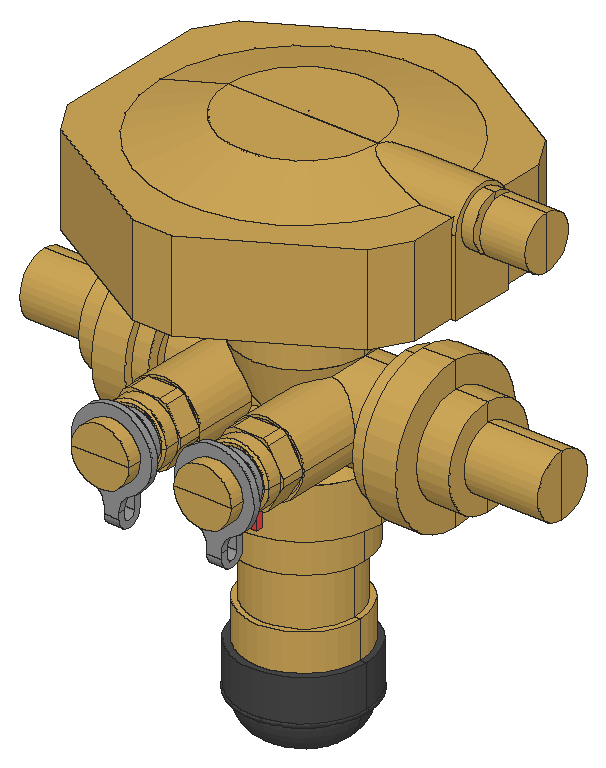
Revit family "Pressure independent control valve 4006_M", category Rohrzubehör, Revit 2018
Family settings
  Bemaßung runder Anschluss = Durchmesser verwenden
  Teiletyp = Unterbricht
  OmniClass-Nummer = 23.65.55.14
  OmniClass-Titel = Valves for Liquid Services
  Arbeitsebenenbasiert = Nein
  Immer vertikal = Ja
  Beim Laden mit Abzugskörper schneiden = Nein
  Gemeinsam genutzt = Nein
Parameters
  min. Operating temperature (antifreeze) = -20 °C  # constant formula
  max. Operating temperature till DN32 = 130 °C  # constant formula
  max. Operating temperature from DN40 = 110 °C  # constant formula
  max. Operating pressure = 1600000.0 Pa  # constant formula
  VRL04 = 8.000 mm  # constant formula
  VRL03 [instance] = L01 + 4.000 mm  # 12.000 mm
  VRL02 = 18.000 mm  # constant formula
  VRL01 [instance] = size_lookup("4006M_", "VRL1", 30.000 mm, Nennweite)  # 30.000 mm
  URL = "www.herzvalves.com"
  Pin = "stainless steel 14301"  # constant formula
  SCRNSEQ = "ARM;ARM_TYP=\"DURR\";2"
  SCRNCODE = "05;04;02"  # constant formula
  S05 [instance] = VRL01  # 30.000 mm
  S04 [instance] = H08 + (S03 / 2)  # 45.750 mm
  S03 [instance] = H09 + 4.700 mm  # 26.500 mm
  S02 [instance] = VRD01 * 2  # 36.400 mm
  S01 [instance] = 10.000 mm  # constant formula
  R12 = 3.900 mm  # constant formula
  R11 = 6.500 mm  # constant formula
  R10 = 35.000 mm  # constant formula
  R09 = 18.250 mm  # constant formula
  R08 = 11.300 mm  # constant formula
  R07 [instance] = size_lookup("4006M_", "R7", 17.300 mm, Nennweite)  # 17.300 mm
  R06 [instance] = size_lookup("4006M_", "R6", 19.000 mm, Nennweite)  # 19.000 mm
  R05 = 15.000 mm  # constant formula
  R04 = 12.500 mm  # constant formula
  R02 [instance] = size_lookup("4006M_", "R2", 15.000 mm, Nennweite)  # 15.000 mm
  R01 [instance] = size_lookup("4006M_", "R1", 11.500 mm, Nennweite)  # 11.500 mm
  PN = 16  # constant formula
  O-Rings = "EPDM"  # constant formula
  Nennweite [instance] = 15.000 mm
  min. Operating temperature (pure water) = 2 °C  # constant formula
  Membrane housing = "brass CW602N"  # constant formula
  Membrane = "EPDM"  # constant formula
  Medium = "water purity in accordance with the ÖNORM H5195 and VDI 2035 standards\r\nethylene and propylene glycol in a mixture ratio of 25 - 50% by volume [%] is permitted."
  L06 [instance] = L00 / 2  # 33.000 mm
  L05 = 11.000 mm  # constant formula
  L04 = 1.500 mm  # constant formula
  L03 = 3.200 mm  # constant formula
  L02 = 43.500 mm  # constant formula
  L01 [instance] = size_lookup("4006M_", "L1", 8.000 mm, Nennweite)  # 8.000 mm
  L00 [instance] = size_lookup("4006M_", "L", 66.000 mm, Nennweite)  # 66.000 mm
  Capillary pipe = "copper Cu-DHP (CW024A)"  # constant formula
  Stroke = 4.000 mm  # constant formula
  Hersteller = "Herz-Armaturen GmbH"  # constant formula
  H13 [instance] = H02 - H05 - H03 - H04 - 2.000 mm  # 21.700 mm
  H12 = 19.250 mm  # constant formula
  H11 [instance] = size_lookup("4006M_", "H11", 59.000 mm, Nennweite)  # 59.000 mm
  H10 [instance] = H08 + H09  # 54.300 mm
  H09 = 21.800 mm  # constant formula
  H08 [instance] = H01 + H06 + H07  # 32.500 mm
  H07 = 4.000 mm  # constant formula
  H06 [instance] = size_lookup("4006M_", "H6", 10.000 mm, Nennweite)  # 10.000 mm
  H05 = 9.000 mm  # constant formula
  H04 [instance] = size_lookup("4006M_", "H4", 9.600 mm, Nennweite)  # 9.600 mm
  H03 [instance] = size_lookup("4006M_", "H3", 13.000 mm, Nennweite)  # 13.000 mm
  H02 [instance] = size_lookup("4006M_", "H2", 55.300 mm, Nennweite)  # 55.300 mm
  H01 [instance] = size_lookup("4006M_", "H1", 18.500 mm, Nennweite)  # 18.500 mm
  Housing = "DZR brass CC770S"  # constant formula
  VRG03 [instance] = Nennweite / 2  # 7.500 mm
  G02 [instance] = size_lookup("4006M_", "G2", 13.900 mm, Nennweite)  # 13.900 mm
  G01 [instance] = size_lookup("4006M_", "G1", 13.200 mm, Nennweite)  # 13.200 mm
  Spring = "spring steel"  # constant formula
  DN50 [instance] = Nennweite = 50.000 mm  # no
  DN40 [instance] = Nennweite = 40.000 mm  # no
  DN32 [instance] = Nennweite = 32.000 mm  # no
  DN25 [instance] = Nennweite = 25.000 mm  # no
  DN20 [instance] = Nennweite = 20.000 mm  # no
  DN15 [instance] = Nennweite = 15.000 mm  # yes
  VRD03 [instance] = VRG03 + 4.500 mm  # 12.000 mm
  VRD02 [instance] = G01 + 3.000 mm  # 16.200 mm
  VRD01 [instance] = G01 + 5.000 mm  # 18.200 mm
  Bestellnummer Verschraubung [instance] = size_lookup("4006M_", "Vrnr", 0, Nennweite)  # 1621011
  Bestellnummer [instance] = size_lookup("4006M_", "Artnr", 0, Nennweite)  # 1400611
  Protective cap = "plastic"  # constant formula
  Application = "the Pressure Independent Balancing Control Valve (PIBCV) is used in all heating and cooling systems with circulation pumps.\r\nthe valve automatically maintains flow to the required part of the system at the set rate by measuring and immediately adjusting to any variation in pressure.\r\nno additional measurements are necessary and the correct flow rate is achieved at all operating conditions.\r\nthe diaphragm responds to the pressure upstream and downstream of the regulating valve (via an internal impulse line).\r\nthe valve settings directly affect the volumetric flow through the valve.\r\nit is thus possible to set the maximum flow rate based on the flow chart when the valve is fitted.\r\nthis allows for the balancing of heating circuits, cooling water systems, ceiling cooling and heating panels, air heaters, etc. without any need to first assess the pressure variations in the system.\r\nthe valve‘s principal application is as a control valve for terminal units."
Reference planes
  plane 1 "Mitte (Vorne/hinten)": y = 0
  plane 2: z = 0
  plane 3 "Mitte (Links/rechts)": x = 0
Forms (mm)
  Revolve 1, solid, material "Messing, weicher Gelbton, geschweißt", detail levels fine
    sketch origin (0, 0, 0) x (1, 0, 0) y (0, 0, 1)
      loop
        line (-33, 0) -> (33, 0) -> (33, 13.2) -> (25, 13.2) -> (25, 11.5) -> (-25, 11.5) -> (-25, 13.2) -> (-33, 13.2) -> (-33, 0)
      axis (-33, 0) -> (33, 0)
    angle from 0 to 360
  Revolve 2, solid, material "Messing, weicher Gelbton, geschweißt", detail levels fine
    sketch origin (0, 0, 0) x (1, 0, 0) y (0, 0, 1)
      loop
        line (0, -55.3) -> (0, 18.5) -> (-15, 18.5) -> (-15, 11.5) -> (-11.5, 0) -> (-19, -11.5) -> (-19, -23.7) -> (-15, -23.7) -> (-15, -33.3) -> (-12.5, -33.3) -> (-12.5, -46.3) -> (-13.9, -46.3) -> (-13.9, -55.3) -> (0, -55.3)
      axis (0, 18.5) -> (0, -55.3)
    angle from 0 to 360
  Extrusion 3, solid, material "Messing, weicher Gelbton, geschweißt", detail levels fine
    sketch origin (0, 0, 0) x (0, -1, 0) y (1, 0, 0)
      loop
        line (-46, -4.75) -> (-27.114, -37.462) -> (-18.886, -42.212) -> (18.886, -42.212) -> (27.114, -37.462) -> (46, -4.75) -> (46, 4.75) -> (27.114, 37.462) -> (18.886, 42.212) -> (-18.886, 42.212) -> (-27.114, 37.462) -> (-46, 4.75) -> (-46, -4.75)
    from 32.5 to 54.3
  Revolve 4, solid, material "Messing, weicher Gelbton, geschweißt", detail levels fine
    sketch origin (0, 0, 0) x (1, 0, 0) y (0, 0, 1)
      loop
        line (0, 54.3) -> (0, 59) -> (-18.25, 59) -> (-35, 54.3) -> (0, 54.3)
      axis (0, 59) -> (0, 54.3)
    angle from 0 to 360
  Extrusion 5, solid, material "Messing, weicher Gelbton, geschweißt", detail levels fine
    sketch origin (0, 0, 0) x (0, 1, 0) y (0, 0, 1)
      loop
        arc (7.85, 51.15) -> (0, 59) -> (-7.85, 51.15) r 7.85
        line (-7.85, 51.15) -> (-7.85, 32.5) -> (7.85, 32.5) -> (7.85, 51.15)
    from 0 to 43.5
  Revolve 6, solid, material "Messing, weicher Gelbton, geschweißt", detail levels fine
    sketch origin (0, 0, 0) x (1, 0, 0) y (0, 0, 1)
      loop
        line (43.5, 51.75) -> (59.2, 51.75) -> (59.2, 58.25) -> (48.2, 58.25) -> (48.2, 55.65) -> (46.7, 55.65) -> (46.7, 58.25) -> (43.5, 58.25) -> (43.5, 51.75)
      axis (43.5, 51.75) -> (59.2, 51.75)
    angle from 0 to 360
  Revolve 7, solid, material "Messing, weicher Gelbton, geschweißt", visible <- "DN15", detail levels fine
    sketch origin (0, 0, 0) x (1, 0, 0) y (0, 1, 0)
      loop
        line (-12.5, 24) -> (-20.2, 24) -> (-20.2, 0) -> (-21.5, 0) -> (-21.5, -27) -> (-12.5, -27) -> (-12.5, 24)
      axis (-12.5, 24) -> (-12.5, -27)
    angle from 0 to 360
  Revolve 8, solid, material "Messing, weicher Gelbton, geschweißt", visible <- "DN15", detail levels fine
    sketch origin (-12.5, 0, 0) x (0, 1, 0) y (0, 0, 1)
      loop
        line (24, 0) -> (39.7, 0) -> (39.7, 6.5) -> (28.7, 6.5) -> (28.7, 3.9) -> (27.2, 3.9) -> (27.2, 6.5) -> (24, 6.5) -> (24, 0)
      axis (24, 0) -> (39.7, 0)
    angle from 0 to 360
  Revolve 9, solid, material "Messing, weicher Gelbton, geschweißt", visible <- "DN15", detail levels fine
    sketch origin (0, 0, 0) x (1, 0, 0) y (0, 1, 0)
      loop
        line (12.5, 0) -> (12.5, -27) -> (21.6, -27) -> (21.6, 0) -> (12.5, 0)
      axis (12.5, 0) -> (12.5, -27)
    angle from 0 to 360
  Revolve 10, solid, material "Messing, weicher Gelbton, geschweißt", visible <- "DN20", detail levels fine
    sketch origin (-2, 0, 0) x (1, 0, 0) y (0, 1, 0)
      loop
        line (-12.5, 27) -> (-20.2, 27) -> (-20.2, 0) -> (-21.5, 0) -> (-21.5, -29) -> (-12.5, -29) -> (-12.5, 27)
      axis (-12.5, 27) -> (-12.5, -29)
    angle from 0 to 360
  Revolve 11, solid, material "Messing, weicher Gelbton, geschweißt", visible <- "DN20", detail levels fine
    sketch origin (2, 0, 0) x (1, 0, 0) y (0, 1, 0)
      loop
        line (12.5, 0) -> (12.5, -29) -> (21.6, -29) -> (21.6, 0) -> (12.5, 0)
      axis (12.5, 0) -> (12.5, -29)
    angle from 0 to 360
  Revolve 12, solid, material "Messing, weicher Gelbton, geschweißt", visible <- "DN20", detail levels fine
    sketch origin (-14.5, 3, 0) x (0, 1, 0) y (0, 0, 1)
      loop
        line (24, 0) -> (39.7, 0) -> (39.7, 6.5) -> (28.7, 6.5) -> (28.7, 3.9) -> (27.2, 3.9) -> (27.2, 6.5) -> (24, 6.5) -> (24, 0)
      axis (24, 0) -> (39.7, 0)
    angle from 0 to 360
  Revolve 13, solid, material "Messing, weicher Gelbton, geschweißt", visible <- "DN25", detail levels fine
    sketch origin (-2.1, 0, 0) x (1, 0, 0) y (0, 1, 0)
      loop
        line (-12.5, 27) -> (-20.2, 27) -> (-20.2, 0) -> (-21.5, 0) -> (-21.5, -29) -> (-12.5, -29) -> (-12.5, 27)
      axis (-12.5, 27) -> (-12.5, -29)
    angle from 0 to 360
  Revolve 14, solid, material "Messing, weicher Gelbton, geschweißt", visible <- "DN25", detail levels fine
    sketch origin (-14.6, 3, 0) x (0, 1, 0) y (0, 0, 1)
      loop
        line (24, 0) -> (39.7, 0) -> (39.7, 6.5) -> (28.7, 6.5) -> (28.7, 3.9) -> (27.2, 3.9) -> (27.2, 6.5) -> (24, 6.5) -> (24, 0)
      axis (24, 0) -> (39.7, 0)
    angle from 0 to 360
  Revolve 15, solid, material "Messing, weicher Gelbton, geschweißt", visible <- "DN25", detail levels fine
    sketch origin (2.1, 0, 0) x (1, 0, 0) y (0, 1, 0)
      loop
        line (12.5, 0) -> (12.5, -29) -> (21.6, -29) -> (21.6, 0) -> (12.5, 0)
      axis (12.5, 0) -> (12.5, -29)
    angle from 0 to 360
  Revolve 16, solid, material "Messing, weicher Gelbton, geschweißt", visible <- "DN32", detail levels fine
    sketch origin (0, 0, 0.637) x (1, 0, 0) y (0, 0, 1)
      loop
        line (-31.5, -0.637) -> (-40.5, -0.637) -> (-40.5, -43.437) -> (-31.5, -43.437) -> (-31.5, -0.637)
      axis (-31.5, -43.437) -> (-31.5, -0.637)
    angle from 0 to 360
  Revolve 17, solid, material "Messing, weicher Gelbton, geschweißt", visible <- "DN32", detail levels fine
    sketch origin (0, 0, 0.637) x (-1, 0, 0) y (0, 0, 1)
      loop
        line (-31.5, -0.637) -> (-40.5, -0.637) -> (-40.5, -43.437) -> (-31.5, -43.437) -> (-31.5, -0.637)
      axis (-31.5, -43.437) -> (-31.5, -0.637)
    angle from 0 to 360
  Revolve 18, solid, material "Messing, weicher Gelbton, geschweißt", visible <- "DN40", detail levels fine
    sketch origin (0, 0, 0) x (1, 0, 0) y (0, 0, 1)
      loop
        line (-37, 0) -> (-46, 0) -> (-46, -54.2) -> (-37, -54.2) -> (-37, 0)
      axis (-37, 0) -> (-37, -54.2)
    angle from 0 to 360
  Revolve 19, solid, material "Messing, weicher Gelbton, geschweißt", visible <- "DN40", detail levels fine
    sketch origin (0, 0, 0) x (-1, 0, 0) y (0, 0, 1)
      loop
        line (-37, 0) -> (-46, 0) -> (-46, -54.2) -> (-37, -54.2) -> (-37, 0)
      axis (-37, 0) -> (-37, -54.2)
    angle from 0 to 360
  Revolve 20, solid, material "Messing, weicher Gelbton, geschweißt", visible <- "DN50", detail levels fine
    sketch origin (-0.1, 0, 0) x (1, 0, 0) y (0, 0, 1)
      loop
        line (-37, 0) -> (-46, 0) -> (-46, -54.2) -> (-37, -54.2) -> (-37, 0)
      axis (-37, 0) -> (-37, -54.2)
    angle from 0 to 360
  Revolve 21, solid, material "Messing, weicher Gelbton, geschweißt", visible <- "DN50", detail levels fine
    sketch origin (0.1, 0, 0) x (-1, 0, 0) y (0, 0, 1)
      loop
        line (-37, 0) -> (-46, 0) -> (-46, -54.2) -> (-37, -54.2) -> (-37, 0)
      axis (-37, 0) -> (-37, -54.2)
    angle from 0 to 360
  Revolve 22, solid, material "Messing, weicher Gelbton, geschweißt", detail levels fine
    sketch origin (-97.028, 0, 0) x (1, 0, 0) y (0, 0, 1)
      loop
        line (130.028, 0) -> (160.028, 0) -> (160.028, 7.5) -> (142.028, 7.5) -> (142.028, 12) -> (134.028, 12) -> (134.028, 18.2) -> (126.028, 18.2) -> (126.028, 16.2) -> (122.028, 16.2) -> (122.028, 13.2) -> (130.028, 13.2) -> (130.028, 0)
      axis (122.028, 0) -> (160.028, 0)
    angle from 0 to 360
  Revolve 23, solid, material "Messing, weicher Gelbton, geschweißt", detail levels fine
    sketch origin (97.028, 0, 0) x (-1, 0, 0) y (0, 0, 1)
      loop
        line (130.028, 0) -> (160.028, 0) -> (160.028, 7.5) -> (142.028, 7.5) -> (142.028, 12) -> (134.028, 12) -> (134.028, 18.2) -> (126.028, 18.2) -> (126.028, 16.2) -> (122.028, 16.2) -> (122.028, 13.2) -> (130.028, 13.2) -> (130.028, 0)
      axis (122.028, 0) -> (160.028, 0)
    angle from 0 to 360
  Revolve 24, solid, material "Messing, weicher Gelbton, geschweißt", visible <- "DN32", detail levels fine
    sketch origin (-9.5, 0, 0) x (1, 0, 0) y (0, 1, 0)
      loop
        line (-12.5, -31) -> (-12.5, 0) -> (-20.2, 0) -> (-20.2, -31) -> (-12.5, -31)
      axis (-12.5, 0) -> (-12.5, -31)
    angle from 0 to 360
  Revolve 25, solid, material "Messing, weicher Gelbton, geschweißt", visible <- "DN32", detail levels fine
    sketch origin (-22, -7, 0) x (0, -1, 0) y (0, 0, -1)
      loop
        line (24, 0) -> (24, -6.5) -> (27.2, -6.5) -> (27.2, -3.9) -> (28.7, -3.9) -> (28.7, -6.5) -> (39.7, -6.5) -> (39.7, 0) -> (24, 0)
      axis (24, 0) -> (39.7, 0)
    angle from 0 to 360
  Revolve 26, solid, material "Messing, weicher Gelbton, geschweißt", visible <- "DN40", detail levels fine
    sketch origin (-17.5, 0, 0) x (1, 0, 0) y (0, 1, 0)
      loop
        line (-12.5, -39.5) -> (-12.5, 0) -> (-20.2, 0) -> (-20.2, -39.5) -> (-12.5, -39.5)
      axis (-12.5, 0) -> (-12.5, -39.5)
    angle from 0 to 360
  Revolve 27, solid, material "Messing, weicher Gelbton, geschweißt", visible <- "DN40", detail levels fine
    sketch origin (-30, -15.5, 0) x (0, -1, 0) y (0, 0, -1)
      loop
        line (24, 0) -> (24, -6.5) -> (27.2, -6.5) -> (27.2, -3.9) -> (28.7, -3.9) -> (28.7, -6.5) -> (39.7, -6.5) -> (39.7, 0) -> (24, 0)
      axis (24, 0) -> (39.7, 0)
    angle from 0 to 360
  Revolve 28, solid, material "Messing, weicher Gelbton, geschweißt", visible <- "DN50", detail levels fine
    sketch origin (-17.6, 0, 0) x (1, 0, 0) y (0, 1, 0)
      loop
        line (-12.5, -39.5) -> (-12.5, 0) -> (-20.2, 0) -> (-20.2, -39.5) -> (-12.5, -39.5)
      axis (-12.5, 0) -> (-12.5, -39.5)
    angle from 0 to 360
  Revolve 29, solid, material "Messing, weicher Gelbton, geschweißt", visible <- "DN50", detail levels fine
    sketch origin (-30.1, -15.5, 0) x (0, -1, 0) y (0, 0, -1)
      loop
        line (24, 0) -> (24, -6.5) -> (27.2, -6.5) -> (27.2, -3.9) -> (28.7, -3.9) -> (28.7, -6.5) -> (39.7, -6.5) -> (39.7, 0) -> (24, 0)
      axis (24, 0) -> (39.7, 0)
    angle from 0 to 360
Lines and regions (mm)
  model lines, detail levels coarse+medium
    curve 1: line (33, -18.2, 0) -> (33, 18.2, 0)
    curve 2: line (33, 18.2, 0) -> (-33, -18.2, 0)
    curve 3: line (-33, -18.2, 0) -> (-33, 18.2, 0)
    curve 4: line (-33, 18.2, 0) -> (33, -18.2, 0)
    curve 5: line (0, -18.5, 0) -> (0, -32.5, 0)
    curve 6: spline (-43.5, -45.75, 0) -> (-42.018, -42.321, 0) -> (-37.672, -39.125, 0) -> (-30.759, -36.381, 0) -> (-21.75, -34.275, 0) -> (-11.259, -32.951, 0) -> (0, -32.5, 0) -> (11.259, -32.951, 0) -> (21.75, -34.275, 0) -> (30.759, -36.381, 0) -> (37.672, -39.125, 0) -> (42.018, -42.321, 0) -> (43.5, -45.75, 0) -> (42.018, -49.179, 0) -> (37.672, -52.375, 0) -> (30.759, -55.119, 0) -> (21.75, -57.225, 0) -> (11.259, -58.549, 0) -> (0, -59, 0) -> (-11.259, -58.549, 0) -> (-21.75, -57.225, 0) -> (-30.759, -55.119, 0) -> (-37.672, -52.375, 0) -> (-42.018, -49.179, 0) -> (-43.5, -45.75, 0)
    curve 7: line (-33, 0, 18.2) -> (-33, 0, -18.2)
    curve 8: line (-33, 0, -18.2) -> (33, 0, 18.2)
    curve 9: line (33, 0, 18.2) -> (33, 0, -18.2)
    curve 10: line (33, 0, -18.2) -> (-33, 0, 18.2)
    curve 11: line (0, 0, 18.5) -> (0, 0, 32.5)
    curve 12: spline (-43.5, 0, 45.75) -> (-42.018, 0, 49.179) -> (-37.672, 0, 52.375) -> (-30.759, 0, 55.119) -> (-21.75, 0, 57.225) -> (-11.259, 0, 58.549) -> (0, 0, 59) -> (11.259, 0, 58.549) -> (21.75, 0, 57.225) -> (30.759, 0, 55.119) -> (37.672, 0, 52.375) -> (42.018, 0, 49.179) -> (43.5, 0, 45.75) -> (42.018, 0, 42.321) -> (37.672, 0, 39.125) -> (30.759, 0, 36.381) -> (21.75, 0, 34.275) -> (11.259, 0, 32.951) -> (0, 0, 32.5) -> (-11.259, 0, 32.951) -> (-21.75, 0, 34.275) -> (-30.759, 0, 36.381) -> (-37.672, 0, 39.125) -> (-42.018, 0, 42.321) -> (-43.5, 0, 45.75)
    curve 13: line (0, 0, 18.5) -> (16.5, 0, 9.1)
    curve 14: line (0, 0, 18.5) -> (-16.5, 0, 9.1)
    curve 15: line (33, 0, 18.2) -> (43, 0, 18.2)
    curve 16: line (43, 0, 18.2) -> (33, 0, 0)
    curve 17: line (33, 0, -18.2) -> (43, 0, -18.2)
    curve 18: line (43, 0, -18.2) -> (33, 0, 0)
    curve 19: line (-33, 0, 18.2) -> (-43, 0, 18.2)
    curve 20: line (-43, 0, 18.2) -> (-33, 0, 0)
    curve 21: line (-33, 0, -18.2) -> (-43, 0, -18.2)
    curve 22: line (-43, 0, -18.2) -> (-33, 0, 0)
    curve 23: line (33, 0, 0) -> (63, 0, 0)
    curve 24: line (-33, 0, 0) -> (-63, 0, 0)
    curve 25: line (0, -18.5, 0) -> (-16.5, -9.1, 0)
    curve 26: line (0, -18.5, 0) -> (16.5, -9.1, 0)
    curve 27: line (33, 18.2, 0) -> (43, 18.2, 0)
    curve 28: line (43, 18.2, 0) -> (33, 0, 0)
    curve 29: line (33, -18.2, 0) -> (43, -18.2, 0)
    curve 30: line (43, -18.2, 0) -> (33, 0, 0)
    curve 31: line (-33, 18.2, 0) -> (-43, 18.2, 0)
    curve 32: line (-43, 18.2, 0) -> (-33, 0, 0)
    curve 33: line (-33, -18.2, 0) -> (-43, -18.2, 0)
    curve 34: line (-43, -18.2, 0) -> (-33, 0, 0)
Dimensions and locks
  equal spacing: Revolve 1 sketch curve, plane 3 "Mitte (Links/rechts)", Revolve 1 sketch curve
  "L00": Revolve 1 sketch curve to Revolve 1 sketch curve
  "G01": Revolve 1 sketch curve to Revolve 1 sketch curve  (x2)
  "R01": Revolve 1 sketch curve to Revolve 1 sketch curve
  "L01": Revolve 1 sketch curve to Revolve 1 sketch curve  (x2)
  "H01": Revolve 2 sketch curve to plane 2
  "R01": Revolve 2 sketch curve to plane 2
  "R02": Revolve 2 sketch curve to Revolve 2 sketch curve
  "R01": Revolve 2 sketch curve to Revolve 2 sketch curve
  "H02": plane 2 to Revolve 2 sketch curve
  "G02": plane 3 "Mitte (Links/rechts)" to Revolve 2 sketch curve
  "H05": Revolve 2 sketch curve to Revolve 2 sketch curve
  "R04": Revolve 2 sketch curve to Revolve 2 sketch curve
  "R05": Revolve 2 sketch curve to Revolve 2 sketch curve
  "R06": Revolve 2 sketch curve to Revolve 2 sketch curve
  "R01": plane 2 to Revolve 2 sketch curve
  "H03": Revolve 2 sketch curve to Revolve 2 sketch curve
  "H04": Revolve 2 sketch curve to Revolve 2 sketch curve
  "H08": Extrusion 3 to plane 2
  "H09": Extrusion 3 to Extrusion 3
  "H10": Revolve 4 sketch curve to plane 2
  "H11": Revolve 4 sketch curve to plane 2
  "R09": Revolve 4 sketch curve to Revolve 4 sketch curve
  "R10": Revolve 4 sketch curve to Revolve 4 sketch curve
  "L02": Extrusion 5 to plane 3 "Mitte (Links/rechts)"
  "H08": Extrusion 5 to plane 2
  "H12": Revolve 6 sketch curve to Extrusion 3
  "R11": Revolve 6 sketch curve to Revolve 6 sketch curve  (x2)
  "L03": Revolve 6 sketch curve to Revolve 6 sketch curve
  "L04": Revolve 6 sketch curve to Revolve 6 sketch curve
  "L05": Revolve 6 sketch curve to Revolve 6 sketch curve
  "R12": Revolve 6 sketch curve to Revolve 6 sketch curve
  "R11": Revolve 8 sketch curve to Revolve 8 sketch curve  (x2)
  "L03": Revolve 8 sketch curve to Revolve 8 sketch curve
  "L04": Revolve 8 sketch curve to Revolve 8 sketch curve
  "L05": Revolve 8 sketch curve to Revolve 8 sketch curve
  "R12": Revolve 8 sketch curve to Revolve 8 sketch curve
  "R06": plane 1 "Mitte (Vorne/hinten)" to nested 1
  Revolve 10 sketch curve to plane 1 "Mitte (Vorne/hinten)" = 29.000 mm
  plane 1 "Mitte (Vorne/hinten)" to Revolve 10 sketch curve = 27.000 mm
  Revolve 11 sketch curve to plane 1 "Mitte (Vorne/hinten)" = 29.000 mm
  "R11": Revolve 12 sketch curve to Revolve 12 sketch curve  (x2)
  "L03": Revolve 12 sketch curve to Revolve 12 sketch curve
  "L04": Revolve 12 sketch curve to Revolve 12 sketch curve
  "L05": Revolve 12 sketch curve to Revolve 12 sketch curve
  "R12": Revolve 12 sketch curve to Revolve 12 sketch curve
  "H13": plane 2 to nested 1
  "R11": Revolve 14 sketch curve to Revolve 14 sketch curve  (x2)
  "L03": Revolve 14 sketch curve to Revolve 14 sketch curve
  "L04": Revolve 14 sketch curve to Revolve 14 sketch curve
  "L05": Revolve 14 sketch curve to Revolve 14 sketch curve
  "R12": Revolve 14 sketch curve to Revolve 14 sketch curve
  plane 3 "Mitte (Links/rechts)" to Revolve 16 sketch curve = 31.500 mm
  Revolve 16 sketch curve to Revolve 16 sketch curve = 9.000 mm
  plane 2 to Revolve 16 sketch curve = 42.800 mm
  Revolve 17 sketch curve to Revolve 17 sketch curve = 9.000 mm
  "VRL01": Revolve 22 sketch curve to Revolve 22 sketch curve
  "L01": Revolve 22 sketch curve to Revolve 22 sketch curve
  "G01": Revolve 22 sketch curve to plane 2
  "VRD02": Revolve 22 sketch curve to plane 2
  "VRD01": Revolve 22 sketch curve to plane 2
  "VRG03": Revolve 22 sketch curve to Revolve 22 sketch curve
  "VRL02": Revolve 22 sketch curve to Revolve 22 sketch curve
  "VRD03": Revolve 22 sketch curve to Revolve 22 sketch curve
  "VRL03": Revolve 22 sketch curve to Revolve 22 sketch curve
  "VRL04": Revolve 22 sketch curve to Revolve 22 sketch curve
  "L06": plane 3 "Mitte (Links/rechts)" to Revolve 22 sketch curve
  "VRL01": Revolve 23 sketch curve to Revolve 23 sketch curve
  "L01": Revolve 23 sketch curve to Revolve 23 sketch curve
  "VRG03": Revolve 23 sketch curve to Revolve 23 sketch curve
  "VRL02": Revolve 23 sketch curve to Revolve 23 sketch curve
  "VRD03": Revolve 23 sketch curve to Revolve 23 sketch curve
  "VRL03": Revolve 23 sketch curve to Revolve 23 sketch curve
  "VRL04": Revolve 23 sketch curve to Revolve 23 sketch curve
  "L06": Revolve 23 sketch curve to plane 3 "Mitte (Links/rechts)"
  "H02": plane 2 to nested 2
  equal spacing: curve 3, plane 3 "Mitte (Links/rechts)", curve 1
  "L00": curve 3 to curve 1
  "S02": curve 4 to curve 3
  equal spacing: curve 3, plane 1 "Mitte (Vorne/hinten)", curve 4
  "VRD01": Revolve 23 sketch curve to plane 2
  "VRD02": Revolve 23 sketch curve to plane 2
  equal spacing: curve 4, plane 1 "Mitte (Vorne/hinten)", curve 2
  "S02": curve 2 to curve 4
  "S03": curve 6 to curve 6
  "L02": curve 6 to plane 3 "Mitte (Links/rechts)"
  "L02": plane 3 "Mitte (Links/rechts)" to curve 6
  "S04": curve 6 to plane 1 "Mitte (Vorne/hinten)"
  "H08": curve 5 to plane 1 "Mitte (Vorne/hinten)"
  "S02": curve 10 to curve 8
  equal spacing: curve 10, plane 2, curve 8
  "S02": curve 9 to curve 10
  equal spacing: curve 9, plane 2, curve 10
  "L00": curve 7 to curve 9
  equal spacing: curve 7, plane 3 "Mitte (Links/rechts)", curve 9
  "H08": curve 11 to plane 2
  "S03": curve 12 to curve 12
  "L02": curve 12 to plane 3 "Mitte (Links/rechts)"
  "L02": plane 3 "Mitte (Links/rechts)" to curve 12
  "S04": curve 12 to plane 2
  equal spacing: curve 7, curve 14, plane 3 "Mitte (Links/rechts)"
  equal spacing: curve 9, curve 13, plane 3 "Mitte (Links/rechts)"
  "H01": curve 14 to plane 2
  "S01": curve 9 to curve 16
  "S01": curve 9 to curve 18
  "S01": curve 20 to curve 7
  "S01": curve 22 to curve 7
  "S05": curve 23 to curve 23
  "S05": curve 24 to curve 24
  equal spacing: curve 3, curve 25, plane 3 "Mitte (Links/rechts)"
  equal spacing: nested 2, curve 26, curve 1
  "H01": curve 26 to plane 1 "Mitte (Vorne/hinten)"
  "S01": curve 1 to curve 28
  "S01": curve 1 to curve 30
  "S01": curve 32 to curve 3
  "S01": curve 34 to curve 3
  "R11": Revolve 25 sketch curve to Revolve 25 sketch curve  (x2)
  "L03": Revolve 25 sketch curve to Revolve 25 sketch curve
  "L04": Revolve 25 sketch curve to Revolve 25 sketch curve
  "L05": Revolve 25 sketch curve to Revolve 25 sketch curve
  "R12": Revolve 25 sketch curve to Revolve 25 sketch curve
  Revolve 24 sketch curve to Revolve 24 sketch curve = 31.000 mm
  "R11": Revolve 27 sketch curve to Revolve 27 sketch curve  (x2)
  "L03": Revolve 27 sketch curve to Revolve 27 sketch curve
  "L04": Revolve 27 sketch curve to Revolve 27 sketch curve
  "L05": Revolve 27 sketch curve to Revolve 27 sketch curve
  "R12": Revolve 27 sketch curve to Revolve 27 sketch curve
  Revolve 26 sketch curve to Revolve 26 sketch curve = 39.500 mm
  "R11": Revolve 29 sketch curve to Revolve 29 sketch curve  (x2)
  "L03": Revolve 29 sketch curve to Revolve 29 sketch curve
  "L04": Revolve 29 sketch curve to Revolve 29 sketch curve
  "L05": Revolve 29 sketch curve to Revolve 29 sketch curve
  "R12": Revolve 29 sketch curve to Revolve 29 sketch curve
  Revolve 28 sketch curve to Revolve 28 sketch curve = 39.500 mm
  aligned and locked: level to plane 2
Automatic sketch dimensions
  plane 3 "Mitte (Links/rechts)" to Extrusion 3 sketch curve = 4.750 mm  (x2)
  Extrusion 3 sketch curve to plane 1 "Mitte (Vorne/hinten)" = 46.000 mm
  Extrusion 3 sketch curve to plane 1 "Mitte (Vorne/hinten)" = 27.114 mm  (x2)
  Extrusion 3 sketch curve to Extrusion 3 sketch curve = 8.227 mm  (x4)
  plane 1 "Mitte (Vorne/hinten)" to Extrusion 3 sketch curve = 18.886 mm  (x2)
  Extrusion 3 sketch curve to Extrusion 3 sketch curve = 18.886 mm
  Extrusion 3 sketch curve to plane 3 "Mitte (Links/rechts)" = 4.750 mm  (x2)
  Extrusion 3 sketch curve to plane 3 "Mitte (Links/rechts)" = 37.462 mm  (x2)
  Extrusion 3 sketch curve to Extrusion 3 sketch curve = 4.750 mm  (x2)
  plane 3 "Mitte (Links/rechts)" to Extrusion 3 sketch curve = 37.462 mm  (x2)
  Extrusion 5 sketch curve to plane 1 "Mitte (Vorne/hinten)" = 0.000 mm
  plane 1 "Mitte (Vorne/hinten)" to Extrusion 5 sketch curve = 7.850 mm
  level to Extrusion 5 sketch curve = 32.500 mm
  Extrusion 5 sketch curve to Extrusion 5 sketch curve = 18.650 mm
  Extrusion 5 sketch curve to Extrusion 5 sketch curve = 0.000 mm
  plane 1 "Mitte (Vorne/hinten)" to Revolve 7 sketch curve = 0.000 mm
  Revolve 7 sketch curve to plane 3 "Mitte (Links/rechts)" = 21.500 mm
  Revolve 7 sketch curve to plane 3 "Mitte (Links/rechts)" = 20.200 mm
  Revolve 7 sketch curve to Revolve 7 sketch curve = 7.700 mm
  plane 1 "Mitte (Vorne/hinten)" to Revolve 7 sketch curve = 27.000 mm
  Revolve 7 sketch curve to plane 1 "Mitte (Vorne/hinten)" = 24.000 mm
  Revolve 7 sketch curve to Revolve 7 sketch curve = 0.000 mm  (x3)
  plane 1 "Mitte (Vorne/hinten)" to Revolve 9 sketch curve = 0.000 mm  (x2)
  plane 3 "Mitte (Links/rechts)" to Revolve 9 sketch curve = 12.500 mm
  Revolve 9 sketch curve to Revolve 9 sketch curve = 9.100 mm
  plane 1 "Mitte (Vorne/hinten)" to Revolve 9 sketch curve = 27.000 mm
  Revolve 9 sketch curve to Revolve 9 sketch curve = 0.000 mm  (x2)
  plane 1 "Mitte (Vorne/hinten)" to Revolve 10 sketch curve = 0.000 mm
  Revolve 10 sketch curve to plane 3 "Mitte (Links/rechts)" = 23.500 mm
  Revolve 10 sketch curve to plane 3 "Mitte (Links/rechts)" = 22.200 mm
  Revolve 10 sketch curve to Revolve 10 sketch curve = 7.700 mm
  Revolve 10 sketch curve to Revolve 10 sketch curve = 0.000 mm
  Revolve 10 sketch curve to Revolve 10 sketch curve = 2.000 mm
  Revolve 10 sketch curve to Revolve 10 sketch curve = 3.000 mm
  plane 1 "Mitte (Vorne/hinten)" to Revolve 11 sketch curve = 0.000 mm  (x2)
  plane 3 "Mitte (Links/rechts)" to Revolve 11 sketch curve = 14.500 mm
  Revolve 11 sketch curve to Revolve 11 sketch curve = 9.100 mm
  Revolve 11 sketch curve to Revolve 11 sketch curve = 0.000 mm
  Revolve 11 sketch curve to Revolve 11 sketch curve = 2.000 mm
  plane 1 "Mitte (Vorne/hinten)" to Revolve 13 sketch curve = 0.000 mm
  Revolve 13 sketch curve to plane 3 "Mitte (Links/rechts)" = 23.600 mm
  Revolve 13 sketch curve to plane 3 "Mitte (Links/rechts)" = 22.300 mm
  Revolve 13 sketch curve to Revolve 13 sketch curve = 7.700 mm
  plane 1 "Mitte (Vorne/hinten)" to Revolve 13 sketch curve = 29.000 mm
  Revolve 13 sketch curve to Revolve 13 sketch curve = 27.000 mm
  Revolve 13 sketch curve to Revolve 13 sketch curve = 0.000 mm
  Revolve 13 sketch curve to Revolve 13 sketch curve = 2.000 mm
  Revolve 13 sketch curve to Revolve 13 sketch curve = 3.000 mm
  plane 1 "Mitte (Vorne/hinten)" to Revolve 15 sketch curve = 0.000 mm  (x2)
  plane 3 "Mitte (Links/rechts)" to Revolve 15 sketch curve = 14.600 mm
  Revolve 15 sketch curve to Revolve 15 sketch curve = 9.100 mm
  Revolve 15 sketch curve to Revolve 15 sketch curve = 29.000 mm
  Revolve 15 sketch curve to Revolve 15 sketch curve = 0.000 mm
  Revolve 15 sketch curve to Revolve 15 sketch curve = 2.000 mm
  Revolve 16 sketch curve to level = 0.000 mm
  Revolve 16 sketch curve to Revolve 16 sketch curve = 0.000 mm
  Revolve 16 sketch curve to Revolve 16 sketch curve = 4.238 mm
  level to Revolve 16 sketch curve = 0.637 mm
  Revolve 17 sketch curve to level = 0.000 mm
  Revolve 17 sketch curve to plane 3 "Mitte (Links/rechts)" = 40.500 mm
  level to Revolve 17 sketch curve = 42.800 mm
  Revolve 17 sketch curve to Revolve 17 sketch curve = 0.000 mm
  Revolve 17 sketch curve to Revolve 17 sketch curve = 4.238 mm
  Revolve 17 sketch curve to level = 0.637 mm
  Revolve 18 sketch curve to level = 0.000 mm  (x2)
  Revolve 18 sketch curve to plane 3 "Mitte (Links/rechts)" = 46.000 mm
  Revolve 18 sketch curve to Revolve 18 sketch curve = 9.000 mm
  Revolve 18 sketch curve to level = 54.200 mm
  Revolve 18 sketch curve to Revolve 18 sketch curve = 0.000 mm  (x2)
  Revolve 19 sketch curve to level = 0.000 mm  (x2)
  Revolve 19 sketch curve to plane 3 "Mitte (Links/rechts)" = 46.000 mm
  Revolve 19 sketch curve to Revolve 19 sketch curve = 9.000 mm
  level to Revolve 19 sketch curve = 54.200 mm
  Revolve 19 sketch curve to Revolve 19 sketch curve = 0.000 mm  (x2)
  Revolve 20 sketch curve to level = 0.000 mm  (x2)
  Revolve 20 sketch curve to plane 3 "Mitte (Links/rechts)" = 46.100 mm
  Revolve 20 sketch curve to Revolve 20 sketch curve = 9.000 mm
  Revolve 20 sketch curve to Revolve 20 sketch curve = 54.200 mm
  Revolve 20 sketch curve to Revolve 20 sketch curve = 0.000 mm  (x2)
  Revolve 21 sketch curve to level = 0.000 mm  (x2)
  Revolve 21 sketch curve to plane 3 "Mitte (Links/rechts)" = 46.100 mm
  Revolve 21 sketch curve to Revolve 21 sketch curve = 9.000 mm
  Revolve 21 sketch curve to Revolve 21 sketch curve = 54.200 mm
  Revolve 21 sketch curve to Revolve 21 sketch curve = 0.000 mm  (x2)
  plane 1 "Mitte (Vorne/hinten)" to Revolve 24 sketch curve = 0.000 mm  (x2)
  Revolve 24 sketch curve to plane 3 "Mitte (Links/rechts)" = 29.700 mm
  Revolve 24 sketch curve to Revolve 24 sketch curve = 7.700 mm
  Revolve 24 sketch curve to Revolve 24 sketch curve = 0.000 mm
  Revolve 24 sketch curve to Revolve 24 sketch curve = 7.000 mm
  plane 1 "Mitte (Vorne/hinten)" to Revolve 26 sketch curve = 0.000 mm  (x2)
  Revolve 26 sketch curve to plane 3 "Mitte (Links/rechts)" = 37.700 mm
  Revolve 26 sketch curve to Revolve 26 sketch curve = 7.700 mm
  Revolve 26 sketch curve to Revolve 26 sketch curve = 0.000 mm
  Revolve 26 sketch curve to Revolve 26 sketch curve = 15.500 mm
  plane 1 "Mitte (Vorne/hinten)" to Revolve 28 sketch curve = 0.000 mm  (x2)
  Revolve 28 sketch curve to plane 3 "Mitte (Links/rechts)" = 37.800 mm
  Revolve 28 sketch curve to Revolve 28 sketch curve = 7.700 mm
  Revolve 28 sketch curve to Revolve 28 sketch curve = 0.000 mm
  Revolve 28 sketch curve to Revolve 28 sketch curve = 15.500 mm
  curve 11 to plane 3 "Mitte (Links/rechts)" = 0.000 mm
  curve 23 to level = 0.000 mm
  curve 22 to level = 0.000 mm
  curve 24 to level = 0.000 mm
  curve 26 to plane 3 "Mitte (Links/rechts)" = 0.000 mm
  plane 1 "Mitte (Vorne/hinten)" to curve 28 = 0.000 mm
  plane 1 "Mitte (Vorne/hinten)" to curve 32 = 0.000 mm
  plane 1 "Mitte (Vorne/hinten)" to curve 30 = 0.000 mm
  plane 1 "Mitte (Vorne/hinten)" to curve 34 = 0.000 mm
  Revolve 1 sketch curve to level = 0.000 mm  (x2)
  Revolve 1 sketch curve to Revolve 1 sketch curve = 1473.530 mm
  Revolve 1 sketch curve to Revolve 1 sketch curve = 1806.148 mm
  Revolve 2 sketch curve to level = 0.000 mm
  Revolve 2 sketch curve to plane 3 "Mitte (Links/rechts)" = 0.000 mm  (x2)
  Revolve 2 sketch curve to Revolve 2 sketch curve = 310.745 mm
  Revolve 2 sketch curve to Revolve 2 sketch curve = 2195.815 mm
  Revolve 4 sketch curve to plane 3 "Mitte (Links/rechts)" = 0.000 mm  (x2)
  Revolve 4 sketch curve to level = 366.045 mm
  Revolve 4 sketch curve to Revolve 4 sketch curve = 2155.315 mm
  plane 3 "Mitte (Links/rechts)" to Revolve 6 sketch curve = 43.500 mm
  Revolve 6 sketch curve to Revolve 6 sketch curve = 0.000 mm  (x3)
  Revolve 8 sketch curve to level = 0.000 mm  (x2)
  Revolve 8 sketch curve to plane 1 "Mitte (Vorne/hinten)" = 24.000 mm
  Revolve 8 sketch curve to Revolve 8 sketch curve = 0.000 mm  (x2)
  Revolve 12 sketch curve to level = 0.000 mm  (x2)
  Revolve 12 sketch curve to plane 1 "Mitte (Vorne/hinten)" = 27.000 mm
  Revolve 12 sketch curve to Revolve 12 sketch curve = 0.000 mm  (x2)
  Revolve 14 sketch curve to level = 0.000 mm  (x2)
  Revolve 14 sketch curve to plane 1 "Mitte (Vorne/hinten)" = 27.000 mm
  Revolve 14 sketch curve to Revolve 14 sketch curve = 0.000 mm  (x2)
  Revolve 22 sketch curve to level = 0.000 mm  (x2)
  Revolve 22 sketch curve to plane 3 "Mitte (Links/rechts)" = 1603.558 mm
  Revolve 22 sketch curve to Revolve 22 sketch curve = 1682.120 mm
  Revolve 23 sketch curve to level = 0.000 mm  (x2)
  Revolve 23 sketch curve to Revolve 23 sketch curve = 3.000 mm
  Revolve 23 sketch curve to plane 3 "Mitte (Links/rechts)" = 1603.558 mm
  Revolve 23 sketch curve to Revolve 23 sketch curve = 1682.120 mm
  Revolve 25 sketch curve to level = 0.000 mm  (x2)
  plane 1 "Mitte (Vorne/hinten)" to Revolve 25 sketch curve = 31.000 mm
  Revolve 25 sketch curve to Revolve 25 sketch curve = 0.000 mm  (x2)
  Revolve 27 sketch curve to level = 0.000 mm  (x2)
  plane 1 "Mitte (Vorne/hinten)" to Revolve 27 sketch curve = 39.500 mm
  Revolve 27 sketch curve to Revolve 27 sketch curve = 0.000 mm  (x2)
  Revolve 29 sketch curve to level = 0.000 mm  (x2)
  plane 1 "Mitte (Vorne/hinten)" to Revolve 29 sketch curve = 39.500 mm
  Revolve 29 sketch curve to Revolve 29 sketch curve = 0.000 mm  (x2)
Nested families
  nested 1: "Herz-Logo-vorne" at (-0.018, -19, -17.2) x (0, 1, 0) z (0, 0, 1), type "Herz-Logo-vorne", detail levels fine
  nested 2: "Bauschutzkappe für Kombiventil" at (0, 0, -55.3), type "Bauschutzkappe für Kombiventil", detail levels fine
  nested 3: "Herz-Logo-vorne" at (-0.018, -19, -17.2) x (0, 1, 0) z (0, 0, 1), type "Herz-Logo-vorne", detail levels fine
  nested 4: "Messstutzen_Band_Eintritt" at (-14.5, -11.5, 0), visible <- "DN20", type "Messstutzen_Band_Eintritt"
    with Schutzkappe yes, Nennweite 0.000 mm, Gewicht 0.00 kg, Bestellnummer 0
  nested 5: "Messstutzen_Band_Eintritt" at (-12.5, -9.5, 0), visible <- "DN15", type "Messstutzen_Band_Eintritt"
    with Schutzkappe yes, Nennweite 0.000 mm, Gewicht 0.00 kg, Bestellnummer 0
  nested 6: "Messstutzen_Band_Eintritt" at (-14.6, -11.5, 0), visible <- "DN25", type "Messstutzen_Band_Eintritt"
    with Schutzkappe yes, Nennweite 0.000 mm, Gewicht 0.00 kg, Bestellnummer 0
  nested 7: "Messstutzen_Band_Austritt" at (12.5, -9.5, 0), visible <- "DN15", type "Messstutzen_Band_Austritt"
    with Schutzkappe yes, Nennweite 0.000 mm, Gewicht 0.00 kg, Bestellnummer 0
  nested 8: "Messstutzen_Band_Austritt" at (14.6, -11.5, 0), visible <- "DN25", type "Messstutzen_Band_Austritt"
    with Schutzkappe yes, Nennweite 0.000 mm, Gewicht 0.00 kg, Bestellnummer 0
  nested 9: "Messstutzen_Band_Austritt" at (14.5, -11.5, 0), visible <- "DN20", type "Messstutzen_Band_Austritt"
    with Schutzkappe yes, Nennweite 0.000 mm, Gewicht 0.00 kg, Bestellnummer 0
  nested 10: "Messstutzen_Band_Eintritt_senkrecht" at (-37, 0, -36.7), visible <- "DN40", type "Messstutzen_Band_Eintritt_senkrecht"
    with Schutzkappe yes, Nennweite 0.000 mm, Gewicht 0.00 kg, Bestellnummer 0
  nested 11: "Messstutzen_Band_Eintritt_senkrecht" at (-37.1, 0, -36.7), visible <- "DN50", type "Messstutzen_Band_Eintritt_senkrecht"
    with Schutzkappe yes, Nennweite 0.000 mm, Gewicht 0.00 kg, Bestellnummer 0
  nested 12: "Messstutzen_Band_Eintritt_senkrecht" at (-31.5, 0, -25.3), visible <- "DN32", type "Messstutzen_Band_Eintritt_senkrecht"
    with Schutzkappe yes, Nennweite 0.000 mm, Gewicht 0.00 kg, Bestellnummer 0
  nested 13: "Messstutzen_Band_Austritt_senkrecht" at (31.5, 0, -25.3), visible <- "DN32", type "Messstutzen_Band_Austritt_senkrecht"
    with Schutzkappe yes, Nennweite 0.000 mm, Gewicht 0.00 kg, Bestellnummer 0
  nested 14: "Messstutzen_Band_Austritt_senkrecht" at (37.1, 0, -36.7), visible <- "DN50", type "Messstutzen_Band_Austritt_senkrecht"
    with Schutzkappe yes, Nennweite 0.000 mm, Gewicht 0.00 kg, Bestellnummer 0
  nested 15: "Messstutzen_Band_Austritt_senkrecht" at (37, 0, -36.7), visible <- "DN40", type "Messstutzen_Band_Austritt_senkrecht"
    with Schutzkappe yes, Nennweite 0.000 mm, Gewicht 0.00 kg, Bestellnummer 0
Connectors
  piping at (63, 0, 0), diameter 15, driven by "Nennweite"
    settings: on Revolve 22, index 1, connector inside diameter 609.6 mm, connector length 0.000 mm, flow factor 0, pipe flow 0.0 L/s, pressure drop 0.0 Pa, fitting loss kfactor 0, connector angle 0.00°, fixture units 0, engagement length 0.000 mm, angle of deflection 0.00°, flow configuration 0, flow direction 1, fitting loss method 0, system type 29, joint type 0, gender type 0, connector reference index -1, connector utility 0, adjustable connector no, is connector primary yes, connector description ""
  piping at (-63, 0, 0), diameter 15, driven by "Nennweite"
    settings: on Revolve 23, index 2, connector inside diameter 609.6 mm, connector length 0.000 mm, flow factor 0, pipe flow 0.0 L/s, pressure drop 0.0 Pa, fitting loss kfactor 0, connector angle 0.00°, fixture units 0, engagement length 0.000 mm, angle of deflection 0.00°, flow configuration 0, flow direction 2, fitting loss method 0, system type 29, joint type 0, gender type 0, connector reference index -1, connector utility 0, adjustable connector no, is connector primary no, connector description ""
Definition of nested family "Herz-Logo-vorne"
  Reference planes
    plane 1 "Mitte (Vorne/hinten)": y = 0
    plane 2: z = 0
    plane 3 "Mitte (Links/rechts)": x = 0
  Forms (mm)
    Extrusion 1, solid
      sketch origin (0.732, -0.018, 0.017) x (0, -1, 0) y (0, 0, 1)
        loop
          line (-0.018, -4.517) -> (4.482, -4.517) -> (4.482, 4.483) -> (-4.518, 4.483) -> (-4.518, -4.517) -> (-0.018, -4.517)
        loop
          line (-0.05, -3.48) -> (3.482, -3.48) -> (3.482, 3.483) -> (-3.518, 3.483) -> (-3.518, -3.48) -> (-0.05, -3.48)
        loop
          arc (-0.018, 2.383) -> (-1.543, 3.287) -> (-3.067, 2.383) r 1.738
          arc (-3.067, 2.383) -> (-3.191, 1.899) -> (-3.067, 1.415) r 1.009
          line (-3.067, 1.415) -> (-0.018, -3.281) -> (3.032, 1.415)
          arc (3.032, 1.415) -> (3.156, 1.899) -> (3.032, 2.383) r 1.009
          arc (3.032, 2.383) -> (1.507, 3.287) -> (-0.018, 2.383) r 1.738
        loop
          arc (1.885, 1.272) -> (2.005, 1.675) -> (1.885, 2.079) r 0.74
          arc (1.885, 2.079) -> (1.265, 2.416) -> (0.644, 2.079) r 0.74
          line (0.644, 2.079) -> (-0.018, 0.97) -> (-0.679, 2.079)
          arc (-0.679, 2.079) -> (-1.3, 2.416) -> (-1.921, 2.079) r 0.74
          arc (-1.921, 2.079) -> (-2.04, 1.675) -> (-1.921, 1.272) r 0.74
          line (-1.921, 1.272) -> (-0.018, -1.658) -> (1.885, 1.272)
      from 0 to 1.5
  Dimensions and locks
    aligned and locked: level to plane 2
Definition of nested family "Bauschutzkappe für Kombiventil"
  Reference planes
    plane 1 "Mitte (Vorne/hinten)": y = 0
    plane 2: z = 0
    plane 3 "Mitte (Links/rechts)": x = 0
  Forms (mm)
    Revolve 1, solid
      sketch origin (0, 0, 0) x (1, 0, 0) y (0, 0, 1)
        loop
          line (0, 0) -> (-15.5, 0) -> (-15.5, -10.067)
          arc (-15.5, -10.067) -> (-15.733, -10.629) -> (-15.25, -11) r 0.5
          line (-15.25, -11) -> (-14.093, -11)
          arc (-14.093, -11) -> (-11.457, -17.364) -> (-5.093, -20) r 9
          line (-5.093, -20) -> (0, -20) -> (0, 0)
        axis (0, 0) -> (0, -20)
      angle from 0 to 360
  Dimensions and locks
    aligned and locked: level to plane 2
Definition of nested family "Messstutzen_Band_Eintritt"
  Parameters (values of type "Messstutzen_Band_Eintritt")
    URL = "www.herz-armaturen.at"
    Schutzkappe [instance] = yes
    Nennweite [instance] = 0.000 mm
    Manufacturer = "Herz Armaturen GmbH"  # constant formula
    Gewicht [instance] = 0.00 kg
    Bestellnummer [instance] = 0
  Reference planes
    plane 1 "Mitte (Vorne/hinten)": y = 0
    plane 2: z = 0
    plane 3 "Mitte (Links/rechts)": x = 0
    plane 4 "Schlaufe 1": y = -27
    plane 5 "Schlaufe 2": y = -31.678
  Forms (mm)
    Revolve 1, solid, detail levels fine
      sketch origin (0, 0, 0) x (1, 0, 0) y (0, 1, 0)
        loop
          line (-7.4, -9) -> (-7.4, -16.5)
          arc (-7.4, -16.5) -> (-7.693, -17.207) -> (-8.4, -17.5) r 1
          line (-8.4, -17.5) -> (-2, -17.5) -> (-2, 0) -> (-5.555, 0) -> (-6.455, -0.9) -> (-6.455, -4.681) -> (-5.843, -5.293)
          arc (-5.843, -5.293) -> (-5.626, -5.617) -> (-5.55, -6) r 1
          line (-5.55, -6) -> (-5.55, -9) -> (-7.4, -9)
        loop
          line (-3.7, -27) -> (-3.7, -30.45) -> (-4.415, -30.863) -> (-4.415, -35.19) -> (-3.805, -35.8) -> (-2, -35.8) -> (-2, -23) -> (-7.9, -23) -> (-7.9, -26.4) -> (-7.3, -27) -> (-3.7, -27)
        axis (0, 0) -> (0, -35.8)
      angle from 0 to 360
    Extrusion 2, solid, detail levels fine
      sketch origin (0, -17.5, 0) x (-1, 0, 0) y (0, 0, -1)
        loop
          line (5.156, -7.07) -> (8.7, -0.93)
          arc (8.7, -0.93) -> (8.75, 0) -> (8.7, 0.93) r 8.75
          line (8.7, 0.93) -> (5.156, 7.07)
          arc (5.156, 7.07) -> (4.375, 7.578) -> (3.544, 8) r 8.75
          line (3.544, 8) -> (-3.544, 8)
          arc (-3.544, 8) -> (-4.375, 7.578) -> (-5.156, 7.07) r 8.75
          line (-5.156, 7.07) -> (-8.7, 0.93)
          arc (-8.7, 0.93) -> (-8.75, 0) -> (-8.7, -0.93) r 8.75
          line (-8.7, -0.93) -> (-5.156, -7.07)
          arc (-5.156, -7.07) -> (-4.375, -7.578) -> (-3.544, -8) r 8.75
          line (-3.544, -8) -> (3.544, -8)
          arc (3.544, -8) -> (4.375, -7.578) -> (5.156, -7.07) r 8.75
      from 0 to 5.5
    Revolve 3, solid, visible <- "Schutzkappe", detail levels fine
      sketch origin (0, 0, 0) x (1, 0, 0) y (0, 1, 0)
        loop
          line (0, -35.878) -> (-3.805, -35.878) -> (-4.415, -35.268) -> (-4.415, -30.178) -> (-6.9, -30.178) -> (-6.9, -31.678) -> (-6.1, -31.678) -> (-6.1, -33.378) -> (-7, -33.378) -> (-7, -36.678) -> (0, -36.678) -> (0, -35.878)
        axis (0, -30.178) -> (0, -36.678)
      angle from 0 to 360
    Extrusion 4, solid, detail levels fine
      sketch origin (0, -27, 0) x (0, 0, -1) y (-1, 0, 0)
        loop
          circle (0, 0) r 3.7
        loop
          arc (5.505, 3.906) -> (-6.75, 0) -> (5.505, -3.906) r 6.75
          arc (5.505, -3.906) -> (7.288, -2.358) -> (9.582, -1.8) r 5
          line (9.582, -1.8) -> (9.582, 1.8)
          arc (9.582, 1.8) -> (7.288, 2.358) -> (5.505, 3.906) r 5
      from 0 to -1.5
    Extrusion 5, solid, detail levels fine
      sketch origin (0, -31.678, 0) x (0, 0, -1) y (-1, 0, 0)
        loop
          circle (0, 0) r 6.1
        loop
          arc (8.652, 4.495) -> (-9.75, 0) -> (8.652, -4.495) r 9.75
          arc (8.652, -4.495) -> (10.493, -2.527) -> (13.089, -1.8) r 5
          line (13.089, -1.8) -> (13.089, 1.8)
          arc (13.089, 1.8) -> (10.493, 2.527) -> (8.652, 4.495) r 5
      from 0 to -1.5
    Sweep 6, solid, detail levels fine
      path origin (0, 0, 0) x (0, 1, 0) y (0, 0, 1)
        loop
          line (-27.75, -9.582) -> (-27.75, -14.522)
          arc (-27.75, -14.522) -> (-30.089, -16.862) -> (-32.428, -14.522) r 2.339
          line (-32.428, -14.522) -> (-32.428, -13.089)
      profile origin (0, -27.75, -12.052) x (1, 0, 0) y (0, 1, 0)
        loop
          line (-1.8, 0.75) -> (-1.8, -0.75) -> (1.8, -0.75) -> (1.8, 0.75) -> (-1.8, 0.75)
  Cuts and joins
    joined: Extrusion 4, Extrusion 5, Sweep 6
  Dimensions and locks
    aligned and locked: level to plane 2
Definition of nested family "Messstutzen_Band_Austritt"
  Parameters (values of type "Messstutzen_Band_Austritt")
    URL = "www.herz-armaturen.at"
    Schutzkappe [instance] = yes
    Nennweite [instance] = 0.000 mm
    Manufacturer = "Herz Armaturen GmbH"  # constant formula
    Gewicht [instance] = 0.00 kg
    Bestellnummer [instance] = 0
  Reference planes
    plane 1 "Mitte (Vorne/hinten)": y = 0
    plane 2: z = 0
    plane 3 "Mitte (Links/rechts)": x = 0
    plane 4 "Schlaufe 1": y = -27
    plane 5 "Schlaufe 2": y = -31.678
  Forms (mm)
    Revolve 1, solid, detail levels fine
      sketch origin (0, 0, 0) x (1, 0, 0) y (0, 1, 0)
        loop
          line (-7.4, -9) -> (-7.4, -16.5)
          arc (-7.4, -16.5) -> (-7.693, -17.207) -> (-8.4, -17.5) r 1
          line (-8.4, -17.5) -> (-2, -17.5) -> (-2, 0) -> (-5.555, 0) -> (-6.455, -0.9) -> (-6.455, -4.681) -> (-5.843, -5.293)
          arc (-5.843, -5.293) -> (-5.626, -5.617) -> (-5.55, -6) r 1
          line (-5.55, -6) -> (-5.55, -9) -> (-7.4, -9)
        loop
          line (-3.7, -27) -> (-3.7, -30.45) -> (-4.415, -30.863) -> (-4.415, -35.19) -> (-3.805, -35.8) -> (-2, -35.8) -> (-2, -23) -> (-7.9, -23) -> (-7.9, -26.4) -> (-7.3, -27) -> (-3.7, -27)
        axis (0, 0) -> (0, -35.8)
      angle from 0 to 360
    Extrusion 2, solid, detail levels fine
      sketch origin (0, -17.5, 0) x (-1, 0, 0) y (0, 0, -1)
        loop
          line (5.156, -7.07) -> (8.7, -0.93)
          arc (8.7, -0.93) -> (8.75, 0) -> (8.7, 0.93) r 8.75
          line (8.7, 0.93) -> (5.156, 7.07)
          arc (5.156, 7.07) -> (4.375, 7.578) -> (3.544, 8) r 8.75
          line (3.544, 8) -> (-3.544, 8)
          arc (-3.544, 8) -> (-4.375, 7.578) -> (-5.156, 7.07) r 8.75
          line (-5.156, 7.07) -> (-8.7, 0.93)
          arc (-8.7, 0.93) -> (-8.75, 0) -> (-8.7, -0.93) r 8.75
          line (-8.7, -0.93) -> (-5.156, -7.07)
          arc (-5.156, -7.07) -> (-4.375, -7.578) -> (-3.544, -8) r 8.75
          line (-3.544, -8) -> (3.544, -8)
          arc (3.544, -8) -> (4.375, -7.578) -> (5.156, -7.07) r 8.75
      from 0 to 5.5
    Revolve 3, solid, visible <- "Schutzkappe", detail levels fine
      sketch origin (0, 0, 0) x (1, 0, 0) y (0, 1, 0)
        loop
          line (0, -35.878) -> (-3.805, -35.878) -> (-4.415, -35.268) -> (-4.415, -30.178) -> (-6.9, -30.178) -> (-6.9, -31.678) -> (-6.1, -31.678) -> (-6.1, -33.378) -> (-7, -33.378) -> (-7, -36.678) -> (0, -36.678) -> (0, -35.878)
        axis (0, -30.178) -> (0, -36.678)
      angle from 0 to 360
    Extrusion 4, solid, detail levels fine
      sketch origin (0, -27, 0) x (0, 0, -1) y (-1, 0, 0)
        loop
          circle (0, 0) r 3.7
        loop
          arc (5.505, 3.906) -> (-6.75, 0) -> (5.505, -3.906) r 6.75
          arc (5.505, -3.906) -> (7.288, -2.358) -> (9.582, -1.8) r 5
          line (9.582, -1.8) -> (9.582, 1.8)
          arc (9.582, 1.8) -> (7.288, 2.358) -> (5.505, 3.906) r 5
      from 0 to -1.5
    Extrusion 5, solid, detail levels fine
      sketch origin (0, -31.678, 0) x (0, 0, -1) y (-1, 0, 0)
        loop
          circle (0, 0) r 6.1
        loop
          arc (8.652, 4.495) -> (-9.75, 0) -> (8.652, -4.495) r 9.75
          arc (8.652, -4.495) -> (10.493, -2.527) -> (13.089, -1.8) r 5
          line (13.089, -1.8) -> (13.089, 1.8)
          arc (13.089, 1.8) -> (10.493, 2.527) -> (8.652, 4.495) r 5
      from 0 to -1.5
    Sweep 6, solid, detail levels fine
      path origin (0, 0, 0) x (0, 1, 0) y (0, 0, 1)
        loop
          line (-27.75, -9.582) -> (-27.75, -14.522)
          arc (-27.75, -14.522) -> (-30.089, -16.862) -> (-32.428, -14.522) r 2.339
          line (-32.428, -14.522) -> (-32.428, -13.089)
      profile origin (0, -27.75, -12.052) x (1, 0, 0) y (0, 1, 0)
        loop
          line (-1.8, 0.75) -> (-1.8, -0.75) -> (1.8, -0.75) -> (1.8, 0.75) -> (-1.8, 0.75)
  Cuts and joins
    joined: Extrusion 4, Extrusion 5, Sweep 6
  Dimensions and locks
    aligned and locked: level to plane 2
Definition of nested family "Messstutzen_Band_Eintritt_senkrecht"
  Parameters (values of type "Messstutzen_Band_Eintritt_senkrecht")
    URL = "www.herz-armaturen.at"
    Schutzkappe [instance] = yes
    Nennweite [instance] = 0.000 mm
    Manufacturer = "Herz Armaturen GmbH"  # constant formula
    Gewicht [instance] = 0.00 kg
    Bestellnummer [instance] = 0
  Reference planes
    plane 1 "Mitte (Vorne/hinten)": y = 0
    plane 2: z = 0
    plane 3 "Mitte (Links/rechts)": x = 0
    plane 4 "Schlaufe 1": z = -27
    plane 5 "Schlaufe 2": z = -31.678
  Forms (mm)
    Revolve 1, solid, detail levels fine
      sketch origin (0, 0, 0) x (1, 0, 0) y (0, 0, 1)
        loop
          line (-7.4, -9) -> (-7.4, -16.5)
          arc (-7.4, -16.5) -> (-7.693, -17.207) -> (-8.4, -17.5) r 1
          line (-8.4, -17.5) -> (-2, -17.5) -> (-2, 0) -> (-5.555, 0) -> (-6.455, -0.9) -> (-6.455, -4.681) -> (-5.843, -5.293)
          arc (-5.843, -5.293) -> (-5.626, -5.617) -> (-5.55, -6) r 1
          line (-5.55, -6) -> (-5.55, -9) -> (-7.4, -9)
        loop
          line (-3.7, -27) -> (-3.7, -30.45) -> (-4.415, -30.863) -> (-4.415, -35.19) -> (-3.805, -35.8) -> (-2, -35.8) -> (-2, -23) -> (-7.9, -23) -> (-7.9, -26.4) -> (-7.3, -27) -> (-3.7, -27)
        axis (0, 0) -> (0, -35.8)
      angle from 0 to 360
    Extrusion 2, solid, detail levels fine
      sketch origin (0, 0, -17.5) x (0, 1, 0) y (1, 0, 0)
        loop
          line (-7.07, -5.156) -> (-0.93, -8.7)
          arc (-0.93, -8.7) -> (0, -8.75) -> (0.93, -8.7) r 8.75
          line (0.93, -8.7) -> (7.07, -5.156)
          arc (7.07, -5.156) -> (7.578, -4.375) -> (8, -3.544) r 8.75
          line (8, -3.544) -> (8, 3.544)
          arc (8, 3.544) -> (7.578, 4.375) -> (7.07, 5.156) r 8.75
          line (7.07, 5.156) -> (0.93, 8.7)
          arc (0.93, 8.7) -> (0, 8.75) -> (-0.93, 8.7) r 8.75
          line (-0.93, 8.7) -> (-7.07, 5.156)
          arc (-7.07, 5.156) -> (-7.578, 4.375) -> (-8, 3.544) r 8.75
          line (-8, 3.544) -> (-8, -3.544)
          arc (-8, -3.544) -> (-7.578, -4.375) -> (-7.07, -5.156) r 8.75
      from 0 to 5.5
    Revolve 3, solid, visible <- "Schutzkappe", detail levels fine
      sketch origin (0, 0, 0) x (1, 0, 0) y (0, 0, 1)
        loop
          line (0, -35.878) -> (-3.805, -35.878) -> (-4.415, -35.268) -> (-4.415, -30.178) -> (-6.9, -30.178) -> (-6.9, -31.678) -> (-6.1, -31.678) -> (-6.1, -33.378) -> (-7, -33.378) -> (-7, -36.678) -> (0, -36.678) -> (0, -35.878)
        axis (0, -30.178) -> (0, -36.678)
      angle from 0 to 360
    Extrusion 4, solid, detail levels fine
      sketch origin (0, 0, -27) x (0, 1, 0) y (-1, 0, 0)
        loop
          circle (0, 0) r 3.7
        loop
          arc (5.505, 3.906) -> (-6.75, 0) -> (5.505, -3.906) r 6.75
          arc (5.505, -3.906) -> (7.288, -2.358) -> (9.582, -1.8) r 5
          line (9.582, -1.8) -> (9.582, 1.8)
          arc (9.582, 1.8) -> (7.288, 2.358) -> (5.505, 3.906) r 5
      from 0 to -1.5
    Extrusion 5, solid, detail levels fine
      sketch origin (0, 0, -31.678) x (0, 1, 0) y (-1, 0, 0)
        loop
          circle (0, 0) r 6.1
        loop
          arc (8.652, 4.495) -> (-9.75, 0) -> (8.652, -4.495) r 9.75
          arc (8.652, -4.495) -> (10.493, -2.527) -> (13.089, -1.8) r 5
          line (13.089, -1.8) -> (13.089, 1.8)
          arc (13.089, 1.8) -> (10.493, 2.527) -> (8.652, 4.495) r 5
      from 0 to -1.5
    Sweep 6, solid, detail levels fine
      path origin (0, 0, 0) x (0, 0, 1) y (0, -1, 0)
        loop
          line (-27.75, -9.582) -> (-27.75, -14.522)
          arc (-27.75, -14.522) -> (-30.089, -16.862) -> (-32.428, -14.522) r 2.339
          line (-32.428, -14.522) -> (-32.428, -13.089)
      profile origin (0, 12.052, -27.75) x (0, 0, 1) y (1, 0, 0)
        loop
          line (0.75, -1.8) -> (0.75, 1.8) -> (-0.75, 1.8) -> (-0.75, -1.8) -> (0.75, -1.8)
  Cuts and joins
    joined: Extrusion 4, Extrusion 5, Sweep 6
  Dimensions and locks
    aligned and locked: level to plane 2
Definition of nested family "Messstutzen_Band_Austritt_senkrecht"
  Parameters (values of type "Messstutzen_Band_Austritt_senkrecht")
    URL = "www.herz-armaturen.at"
    Schutzkappe [instance] = yes
    Nennweite [instance] = 0.000 mm
    Manufacturer = "Herz Armaturen GmbH"  # constant formula
    Gewicht [instance] = 0.00 kg
    Bestellnummer [instance] = 0
  Reference planes
    plane 1 "Mitte (Vorne/hinten)": y = 0
    plane 2: z = 0
    plane 3 "Mitte (Links/rechts)": x = 0
    plane 4 "Schlaufe 1": z = -27
    plane 5 "Schlaufe 2": z = -31.678
